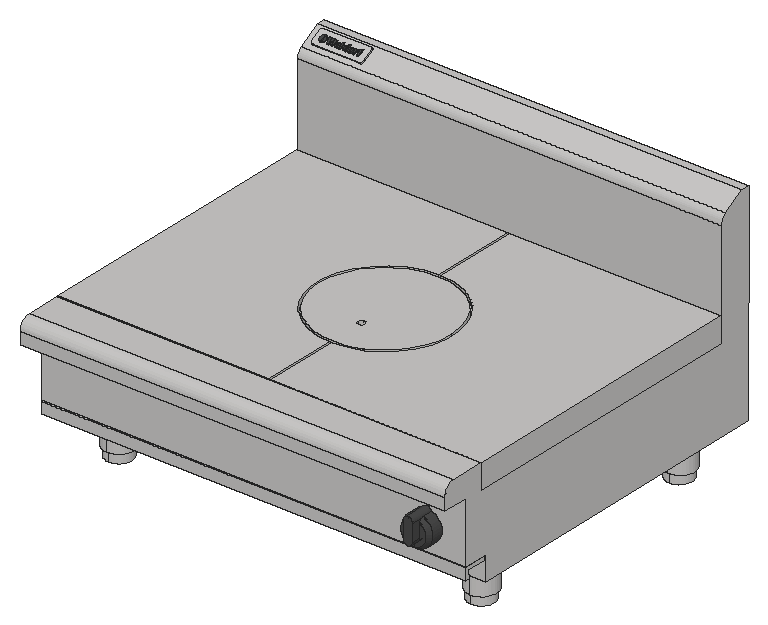
Revit family "QF_MOFFAT WALDORF_RN8100G-B", category Specialty Equipment, Revit 2012
Parameters
  Width = 900 mm
  Weight in Pounds = 392.4224
  URL Cutsheet = "www.moffat.com"
  URL = "www.moffat.com"
  Type Mark [instance] = ""
  Status [instance] = ""
  Specification by User [instance] = ""
  Specification by Manufacturer = ""
  Show Logo [instance] = yes
  Show Clearance [instance] = yes
  Serial Number = ""
  Seismic Rating = ""
  SMACNA No = ""
  Revision Code [instance] = ""
  Omniclass Number and Title = ""
  NAFEM Spec ID Number = ""
  Model = "RN8100G-B"
  Mechanical Remarks = ""
  Mechanical Connection Type [instance] = ""
  Masterspec = ""
  Manufacturer = "MOFFAT WALDORF"
  Item Number [instance] = ""
  Installed By [instance] = ""
  Identify Quantity as Lot [instance] = yes
  Height = 530 mm
  Gas Size = 3/4"
  Gas RI Height [instance] = 0 mm
  Gas KW [instance] = 12.5
  Gas Input [instance] = 42652.0 Btu/h
  Gas Connection Height = 0 mm
  Furnished By [instance] = ""
  Foodservice Equipment Identifier [instance] = yes
  Description = "TARGET TOP GAS HOB BENCH MOUNT"
  Depth = 805 mm
  CSI MasterFormat = ""
  CSI Master Format = ""
Reference planes
  plane 1 "BACK": y = 0
  plane 2: z = 0
  plane 3 "LEFT": x = 0
  plane 4 "RIGHT": x = 900
  plane 5 "FRONT": y = -805
  plane 6 "TOP": z = 530
  plane 7 "Center Y": x = 450
  plane 8 "Center X": y = -402.5
  plane 9: x = 280
  plane 10: y = -574.272
  plane 11: x = 60
  plane 12: y = -304.972
  plane 13: y = -364.972
  plane 14: x = 74
  plane 15: x = 834.5
  plane 16: y = -32
  plane 17: y = -100
  plane 18: y = -625
  plane 19: z = 85
  plane 20: z = 315
Forms (mm)
  Extrusion 1, solid, material "QF_Finishes_Stainless Steel"
    sketch origin (0, 0, 0) x (0, 1, 0) y (0, 0, 1)
      loop
        line (0, 85) -> (0, 530) -> (-16.5, 530) -> (-58.709, 505.631)
        arc (-58.709, 505.631) -> (-66.975, 497.365) -> (-70, 486.074) r 22.582
        line (-70, 486.074) -> (-70, 261.8) -> (-709, 261.8) -> (-709, 315) -> (-781, 315)
        arc (-781, 315) -> (-797.971, 307.971) -> (-805, 291) r 24
        line (-805, 291) -> (-805, 266) -> (-749, 266) -> (-749, 136.219) -> (-696.73, 136.219) -> (-696.73, 85) -> (0, 85)
      loop
        line (-749, 110) -> (-740.224, 110) -> (-742.613, 126.999) -> (-700.93, 126.999) -> (-700.93, 134.003) -> (-749, 134.003) -> (-749, 110)
    from 0 to 900
  Extrusion 2, solid, material "QF_Finishes_Stainless Steel"
    sketch origin (0, 0, 0) x (0, 1, 0) y (0, 0, 1)
      loop
        line (-72.734, 315) -> (-705.7, 315) -> (-705.7, 262.8) -> (-72.734, 262.8) -> (-72.734, 315)
    from 0 to 900
  Extrusion 3, void
    sketch origin (0, -72.734, 315) x (1, 0, 0) y (0, -1, 0)
      loop
        circle (450, 327.466) r 140
      loop
        arc (452.2, 182.486) -> (594.802, 327.67) -> (451.798, 472.459) r 145.003
        line (451.798, 472.459) -> (451.798, 632.966) -> (447.7, 632.966) -> (447.7, 472.437)
        arc (447.7, 472.437) -> (305.533, 327.329) -> (447.967, 182.484) r 145.002
        line (447.967, 182.484) -> (447.967, 0) -> (452.2, 0) -> (452.2, 182.486)
      loop
        circle (450, 390.056) r 7.524
    from 0 to 10
  Revolve 4, solid, material "QF_Finishes_Stainless Steel"
    sketch origin (834.5, -171.126, 0) x (0, 1, 0) y (0, 0, -1)
      loop
        line (39.376, -85) -> (71.126, -85) -> (71.126, 0) -> (43.626, 0) -> (43.626, -20) -> (39.376, -20) -> (39.376, -85)
      axis (71.126, -85) -> (71.126, 0)
    angle from 0 to 360
  Revolve 5, solid, material "QF_Finishes_Stainless Steel"
    sketch origin (65.5, -171.126, 0) x (0, 1, 0) y (0, 0, 1)
      loop
        line (39.376, 85) -> (39.376, 20) -> (43.626, 20) -> (43.626, 0) -> (71.126, 0) -> (71.126, 85) -> (39.376, 85)
      axis (71.126, 85) -> (71.126, 0)
    angle from 0 to 360
  Revolve 6, solid, material "QF_Finishes_Stainless Steel"
    sketch origin (834.5, -696.126, 0) x (0, 1, 0) y (0, 0, -1)
      loop
        line (39.376, -85) -> (71.126, -85) -> (71.126, 0) -> (43.626, 0) -> (43.626, -20) -> (39.376, -20) -> (39.376, -85)
      axis (71.126, -85) -> (71.126, 0)
    angle from 0 to 360
  Revolve 7, solid, material "QF_Finishes_Stainless Steel"
    sketch origin (65.5, -696.126, 0) x (0, 1, 0) y (0, 0, 1)
      loop
        line (39.376, 85) -> (39.376, 20) -> (43.626, 20) -> (43.626, 0) -> (71.126, 0) -> (71.126, 85) -> (39.376, 85)
      axis (71.126, 85) -> (71.126, 0)
    angle from 0 to 360
  Extrusion 8, solid, material "QF_Finishes_Stainless Steel"
    sketch origin (-64.5, 0, -270) x (1, 0, 0) y (0, 1, 0)
      loop
        circle (834.5, -32) r 10
    from 325 to 355
  Revolve 9, solid, material "QF_Finishes_Black"
    sketch origin (824.351, 38.874, -603.868) x (0, 1, 0) y (0, 0, 1)
      loop
        line (-820.874, 829.5) -> (-831.874, 823.651) -> (-831.874, 797) -> (-787.874, 797) -> (-787.874, 802) -> (-797.874, 802) -> (-797.874, 829.5) -> (-820.874, 829.5)
      axis (-831.874, 797) -> (-787.874, 797)
    angle from 0 to 360
  Extrusion 10, solid, material "QF_Finishes_Black"
    sketch origin (676.544, 0, -603.868) x (1, 0, 0) y (0, 0, 1)
      loop
        line (158.3, 789) -> (158.3, 824)
        arc (158.3, 824) -> (148.3, 834) -> (138.3, 824) r 10
        line (138.3, 824) -> (138.3, 789)
        arc (138.3, 789) -> (148.3, 779) -> (158.3, 789) r 10
    from 759 to 808
Cuts and joins
  Extrusion 3 cuts Extrusion 1
  Extrusion 3 cuts Extrusion 2
Lines and regions (mm)
  Split face 1
    outline origin (0, -16.5, 530) x (0, -0.866025, -0.5) y (1, 0, 0)
      loop
        line (1.962, 129.583) -> (34.599, 129.583) -> (34.599, 149.583) -> (1.962, 149.583) -> (1.962, 129.583)
  Split face 2
    outline origin (0, -16.5, 530) x (0, -0.866025, -0.5) y (1, 0, 0)
      loop
        line (34.599, 156.5) -> (34.599, 176.5) -> (1.962, 176.5) -> (1.962, 156.5) -> (34.599, 156.5)
  Split face 3
    outline origin (0, -16.5, 530) x (0, -0.866025, -0.5) y (1, 0, 0)
      loop
        line (34.599, 203.5) -> (1.962, 203.5) -> (1.962, 183.5) -> (34.599, 183.5) -> (34.599, 203.5)
  Split face 4
    outline origin (0, -16.5, 530) x (0, -0.866025, -0.5) y (1, 0, 0)
      loop
        line (34.599, 230.5) -> (1.962, 230.5) -> (1.962, 210.5) -> (34.599, 210.5) -> (34.599, 230.5)
  Split face 5
    outline origin (0, -16.5, 530) x (0, -0.866025, -0.5) y (1, 0, 0)
      loop
        line (34.599, 257.5) -> (1.962, 257.5) -> (1.962, 237.5) -> (34.599, 237.5) -> (34.599, 257.5)
  Split face 6
    outline origin (0, -16.5, 530) x (0, -0.866025, -0.5) y (1, 0, 0)
      loop
        line (34.599, 264.5) -> (34.599, 284.5) -> (1.962, 284.5) -> (1.962, 264.5) -> (34.599, 264.5)
  Split face 7
    outline origin (0, -16.5, 530) x (0, -0.866025, -0.5) y (1, 0, 0)
      loop
        line (34.599, 311.5) -> (1.962, 311.5) -> (1.962, 291.5) -> (34.599, 291.5) -> (34.599, 311.5)
  Split face 8
    outline origin (0, -16.5, 530) x (0, -0.866025, -0.5) y (1, 0, 0)
      loop
        line (1.962, 638.5) -> (1.962, 618.5) -> (34.599, 618.5) -> (34.599, 638.5) -> (1.962, 638.5)
  Split face 9
    outline origin (0, -16.5, 530) x (0, -0.866025, -0.5) y (1, 0, 0)
      loop
        line (1.962, 645.5) -> (34.599, 645.5) -> (34.599, 665.5) -> (1.962, 665.5) -> (1.962, 645.5)
  Split face 10
    outline origin (0, -16.5, 530) x (0, -0.866025, -0.5) y (1, 0, 0)
      loop
        line (34.599, 672.5) -> (34.599, 692.5) -> (1.962, 692.5) -> (1.962, 672.5) -> (34.599, 672.5)
  Split face 11
    outline origin (0, -16.5, 530) x (0, -0.866025, -0.5) y (1, 0, 0)
      loop
        line (34.599, 699.5) -> (34.599, 719.5) -> (1.962, 719.5) -> (1.962, 699.5) -> (34.599, 699.5)
  Split face 12
    outline origin (0, -16.5, 530) x (0, -0.866025, -0.5) y (1, 0, 0)
      loop
        line (34.599, 726.5) -> (34.599, 746.5) -> (1.962, 746.5) -> (1.962, 726.5) -> (34.599, 726.5)
  Split face 13
    outline origin (0, -16.5, 530) x (0, -0.866025, -0.5) y (1, 0, 0)
      loop
        line (1.962, 753.5) -> (34.599, 753.5) -> (34.599, 773.5) -> (1.962, 773.5) -> (1.962, 753.5)
  Split face 14
    outline origin (29.312, -16.5, 530) x (0, -0.866025, -0.5) y (1, 0, 0)
      loop
        line (34.599, 311.5) -> (1.962, 311.5) -> (1.962, 291.5) -> (34.599, 291.5) -> (34.599, 311.5)
  Split face 15
    outline origin (58.539, -16.5, 530) x (0, -0.866025, -0.5) y (1, 0, 0)
      loop
        line (34.599, 311.5) -> (1.962, 311.5) -> (1.962, 291.5) -> (34.599, 291.5) -> (34.599, 311.5)
  Split face 16
    outline origin (85.538, -16.5, 530) x (0, -0.866025, -0.5) y (1, 0, 0)
      loop
        line (34.599, 311.5) -> (1.962, 311.5) -> (1.962, 291.5) -> (34.599, 291.5) -> (34.599, 311.5)
  Split face 17
    outline origin (111.014, -16.5, 530) x (0, -0.866025, -0.5) y (1, 0, 0)
      loop
        line (34.599, 311.5) -> (1.962, 311.5) -> (1.962, 291.5) -> (34.599, 291.5) -> (34.599, 311.5)
  Split face 18
    outline origin (137.462, -16.5, 530) x (0, -0.866025, -0.5) y (1, 0, 0)
      loop
        line (34.599, 311.5) -> (1.962, 311.5) -> (1.962, 291.5) -> (34.599, 291.5) -> (34.599, 311.5)
  Split face 19
    outline origin (163.546, -16.5, 530) x (0, -0.866025, -0.5) y (1, 0, 0)
      loop
        line (34.599, 311.5) -> (1.962, 311.5) -> (1.962, 291.5) -> (34.599, 291.5) -> (34.599, 311.5)
  Split face 20
    outline origin (189.443, -16.5, 530) x (0, -0.866025, -0.5) y (1, 0, 0)
      loop
        line (34.599, 311.5) -> (1.962, 311.5) -> (1.962, 291.5) -> (34.599, 291.5) -> (34.599, 311.5)
  Split face 21
    outline origin (215.891, -16.5, 530) x (0, -0.866025, -0.5) y (1, 0, 0)
      loop
        line (34.599, 311.5) -> (1.962, 311.5) -> (1.962, 291.5) -> (34.599, 291.5) -> (34.599, 311.5)
  Split face 22
    outline origin (246.196, -16.5, 530) x (0, -0.866025, -0.5) y (1, 0, 0)
      loop
        line (34.599, 311.5) -> (1.962, 311.5) -> (1.962, 291.5) -> (34.599, 291.5) -> (34.599, 311.5)
  Split face 23
    outline origin (274.297, -16.5, 530) x (0, -0.866025, -0.5) y (1, 0, 0)
      loop
        line (34.599, 311.5) -> (1.962, 311.5) -> (1.962, 291.5) -> (34.599, 291.5) -> (34.599, 311.5)
  Split face 24
    outline origin (299.643, -16.5, 530) x (0, -0.866025, -0.5) y (1, 0, 0)
      loop
        line (34.599, 311.5) -> (1.962, 311.5) -> (1.962, 291.5) -> (34.599, 291.5) -> (34.599, 311.5)
  symbolic lines
    curve 1: line (0, 0, 0) -> (0, -805, 0)
    curve 2: line (900, 0, 0) -> (0, 0, 0)
    curve 3: line (900, -805, 0) -> (900, 0, 0)
    curve 4: line (0, -70, 0) -> (900, -70, 0)
    curve 5: line (12.5, -51.234, 0) -> (12.5, -20.958, 0)
    curve 6: line (12.5, -20.958, 0) -> (121.5, -20.958, 0)
    curve 7: line (12.5, -51.234, 0) -> (121.5, -51.234, 0)
    curve 8: line (121.5, -20.958, 0) -> (121.5, -51.234, 0)
    curve 9: line (129.583, -22.262, 0) -> (129.583, -50.526, 0)
    curve 10: line (129.583, -50.526, 0) -> (149.583, -50.526, 0)
    curve 11: line (149.583, -50.526, 0) -> (149.583, -22.262, 0)
    curve 12: line (149.583, -22.262, 0) -> (129.583, -22.262, 0)
    curve 13: line (156.5, -22.262, 0) -> (156.5, -50.526, 0)
    curve 14: line (156.5, -50.526, 0) -> (176.5, -50.526, 0)
    curve 15: line (176.5, -50.526, 0) -> (176.5, -22.262, 0)
    curve 16: line (176.5, -22.262, 0) -> (156.5, -22.262, 0)
    curve 17: line (183.5, -22.262, 0) -> (183.5, -50.526, 0)
    curve 18: line (183.5, -50.526, 0) -> (203.5, -50.526, 0)
    curve 19: line (203.5, -50.526, 0) -> (203.5, -22.262, 0)
    curve 20: line (203.5, -22.262, 0) -> (183.5, -22.262, 0)
    curve 21: line (210.5, -22.262, 0) -> (210.5, -50.526, 0)
    curve 22: line (210.5, -50.526, 0) -> (230.5, -50.526, 0)
    curve 23: line (230.5, -50.526, 0) -> (230.5, -22.262, 0)
    curve 24: line (230.5, -22.262, 0) -> (210.5, -22.262, 0)
    curve 25: line (900, -805, 0) -> (0, -805, 0)
    curve 26: line (237.5, -22.262, 0) -> (237.5, -50.526, 0)
    curve 27: line (237.5, -50.526, 0) -> (257.5, -50.526, 0)
    curve 28: line (257.5, -50.526, 0) -> (257.5, -22.262, 0)
    curve 29: line (257.5, -22.262, 0) -> (237.5, -22.262, 0)
    curve 30: line (264.417, -22.262, 0) -> (264.417, -50.526, 0)
    curve 31: line (264.417, -50.526, 0) -> (284.417, -50.526, 0)
    curve 32: line (284.417, -50.526, 0) -> (284.417, -22.262, 0)
    curve 33: line (284.417, -22.262, 0) -> (264.417, -22.262, 0)
    curve 34: line (291.417, -22.262, 0) -> (291.417, -50.526, 0)
    curve 35: line (291.417, -50.526, 0) -> (311.417, -50.526, 0)
    curve 36: line (311.417, -50.526, 0) -> (311.417, -22.262, 0)
    curve 37: line (311.417, -22.262, 0) -> (291.417, -22.262, 0)
    curve 38: line (318.417, -22.262, 0) -> (318.417, -50.526, 0)
    curve 39: line (318.417, -50.526, 0) -> (338.417, -50.526, 0)
    curve 40: line (338.417, -50.526, 0) -> (338.417, -22.262, 0)
    curve 41: line (338.417, -22.262, 0) -> (318.417, -22.262, 0)
    curve 42: line (350.039, -22.262, 0) -> (350.039, -50.526, 0)
    curve 43: line (350.039, -50.526, 0) -> (370.039, -50.526, 0)
    curve 44: line (370.039, -50.526, 0) -> (370.039, -22.262, 0)
    curve 45: line (370.039, -22.262, 0) -> (350.039, -22.262, 0)
    curve 46: line (376.956, -22.262, 0) -> (376.956, -50.526, 0)
    curve 47: line (376.956, -50.526, 0) -> (396.956, -50.526, 0)
    curve 48: line (396.956, -50.526, 0) -> (396.956, -22.262, 0)
    curve 49: line (396.956, -22.262, 0) -> (376.956, -22.262, 0)
    curve 50: line (403.956, -22.262, 0) -> (403.956, -50.526, 0)
    curve 51: line (403.956, -50.526, 0) -> (423.956, -50.526, 0)
    curve 52: line (423.956, -50.526, 0) -> (423.956, -22.262, 0)
    curve 53: line (423.956, -22.262, 0) -> (403.956, -22.262, 0)
    curve 54: line (430.956, -22.262, 0) -> (430.956, -50.526, 0)
    curve 55: line (430.956, -50.526, 0) -> (450.956, -50.526, 0)
    curve 56: line (450.956, -50.526, 0) -> (450.956, -22.262, 0)
    curve 57: line (450.956, -22.262, 0) -> (430.956, -22.262, 0)
    curve 58: line (457.956, -22.262, 0) -> (457.956, -50.526, 0)
    curve 59: line (457.956, -50.526, 0) -> (477.956, -50.526, 0)
    curve 60: line (477.956, -50.526, 0) -> (477.956, -22.262, 0)
    curve 61: line (477.956, -22.262, 0) -> (457.956, -22.262, 0)
    curve 62: line (484.872, -22.262, 0) -> (484.872, -50.526, 0)
    curve 63: line (484.872, -50.526, 0) -> (504.872, -50.526, 0)
    curve 64: line (504.872, -50.526, 0) -> (504.872, -22.262, 0)
    curve 65: line (504.872, -22.262, 0) -> (484.872, -22.262, 0)
    curve 66: line (511.872, -22.262, 0) -> (511.872, -50.526, 0)
    curve 67: line (511.872, -50.526, 0) -> (531.872, -50.526, 0)
    curve 68: line (531.872, -50.526, 0) -> (531.872, -22.262, 0)
    curve 69: line (531.872, -22.262, 0) -> (511.872, -22.262, 0)
    curve 70: line (538.872, -22.262, 0) -> (538.872, -50.526, 0)
    curve 71: line (538.872, -50.526, 0) -> (558.872, -50.526, 0)
    curve 72: line (558.872, -50.526, 0) -> (558.872, -22.262, 0)
    curve 73: line (558.872, -22.262, 0) -> (538.872, -22.262, 0)
    curve 74: line (565.797, -22.262, 0) -> (565.797, -50.526, 0)
    curve 75: line (565.797, -50.526, 0) -> (585.797, -50.526, 0)
    curve 76: line (585.797, -50.526, 0) -> (585.797, -22.262, 0)
    curve 77: line (585.797, -22.262, 0) -> (565.797, -22.262, 0)
    curve 78: line (592.714, -22.262, 0) -> (592.714, -50.526, 0)
    curve 79: line (592.714, -50.526, 0) -> (612.714, -50.526, 0)
    curve 80: line (612.714, -50.526, 0) -> (612.714, -22.262, 0)
    curve 81: line (612.714, -22.262, 0) -> (592.714, -22.262, 0)
    curve 82: line (619.714, -22.262, 0) -> (619.714, -50.526, 0)
    curve 83: line (619.714, -50.526, 0) -> (639.714, -50.526, 0)
    curve 84: line (639.714, -50.526, 0) -> (639.714, -22.262, 0)
    curve 85: line (639.714, -22.262, 0) -> (619.714, -22.262, 0)
    curve 86: line (646.714, -22.262, 0) -> (646.714, -50.526, 0)
    curve 87: line (646.714, -50.526, 0) -> (666.714, -50.526, 0)
    curve 88: line (666.714, -50.526, 0) -> (666.714, -22.262, 0)
    curve 89: line (666.714, -22.262, 0) -> (646.714, -22.262, 0)
    curve 90: line (673.714, -22.262, 0) -> (673.714, -50.526, 0)
    curve 91: line (673.714, -50.526, 0) -> (693.714, -50.526, 0)
    curve 92: line (693.714, -50.526, 0) -> (693.714, -22.262, 0)
    curve 93: line (693.714, -22.262, 0) -> (673.714, -22.262, 0)
    curve 94: line (700.631, -22.262, 0) -> (700.631, -50.526, 0)
    curve 95: line (700.631, -50.526, 0) -> (720.631, -50.526, 0)
    curve 96: line (720.631, -50.526, 0) -> (720.631, -22.262, 0)
    curve 97: line (720.631, -22.262, 0) -> (700.631, -22.262, 0)
    curve 98: line (727.631, -22.262, 0) -> (727.631, -50.526, 0)
    curve 99: line (727.631, -50.526, 0) -> (747.631, -50.526, 0)
    curve 100: line (747.631, -50.526, 0) -> (747.631, -22.262, 0)
    curve 101: line (747.631, -22.262, 0) -> (727.631, -22.262, 0)
    curve 102: line (754.631, -22.262, 0) -> (754.631, -50.526, 0)
    curve 103: line (754.631, -50.526, 0) -> (774.631, -50.526, 0)
    curve 104: line (774.631, -50.526, 0) -> (774.631, -22.262, 0)
    curve 105: line (774.631, -22.262, 0) -> (754.631, -22.262, 0)
    curve 106: line (447.967, -72.734, 0) -> (447.967, -255.217, 0)
    curve 107: arc (452.2, -255.22, 0) -> (594.802, -400.404, 0) -> (451.798, -545.193, 0) r 145.003
    curve 108: line (452.2, -255.22, 0) -> (452.2, -72.734, 0)
    curve 109: arc (590, -400.2, 0) -> (450, -260.2, 0) -> (310, -400.2, 0) r 140
    curve 110: arc (447.7, -545.17, 0) -> (305.533, -400.063, 0) -> (447.967, -255.217, 0) r 145.002
    curve 111: arc (310, -400.2, 0) -> (450, -540.2, 0) -> (590, -400.2, 0) r 140
    curve 112: line (451.798, -705.7, 0) -> (451.798, -545.193, 0)
    curve 113: line (447.7, -545.17, 0) -> (447.7, -705.7, 0)
    curve 114: line (900, -709, 0) -> (0, -709, 0)
    curve 115: line (0, -705.7, 0) -> (900, -705.7, 0)
    curve 116: line (900, -72.734, 0) -> (0, -72.734, 0)
    curve 117: arc (442.476, -462.79, 0) -> (450, -455.266, 0) -> (457.524, -462.79, 0) r 7.524
    curve 118: arc (457.524, -462.79, 0) -> (450, -470.314, 0) -> (442.476, -462.79, 0) r 7.524
Dimensions and locks
  equal spacing: plane 3 "LEFT", plane 7 "Center Y", plane 4 "RIGHT"
  "Width": plane 3 "LEFT" to plane 4 "RIGHT"
  equal spacing: plane 5 "FRONT", plane 8 "Center X", plane 1 "BACK"
  plane 5 "FRONT" to plane 1 "BACK" = 805 mm  (x2)
  equal spacing: plane 4 "RIGHT", plane 7 "Center Y", plane 3 "LEFT"
  plane 4 "RIGHT" to plane 3 "LEFT" = 900 mm
  "Height": plane 6 "TOP" to level
  plane 10 to plane 1 "BACK" = 574.272 mm
  plane 12 to plane 1 "BACK" = 304.972 mm  (x2)
  plane 11 to plane 3 "LEFT" = 60 mm
  plane 14 to plane 3 "LEFT" = 74 mm
  plane 9 to plane 3 "LEFT" = 280 mm
  plane 6 "TOP" to plane 2 = 530 mm
  plane 2 to plane 19 = 85 mm
  plane 20 to plane 2 = 315 mm
  aligned and locked: level to plane 2
  aligned and locked: curve 3 to plane 4 "RIGHT"
  aligned and locked: Extrusion 1 to Extrusion 2  (x2)
Automatic sketch dimensions
  plane 1 "BACK" to curve 1 = 0 mm
  curve 1 to plane 3 "LEFT" = 0 mm
  curve 117 to plane 7 "Center Y" = 0 mm
  curve 111 to plane 7 "Center Y" = 0 mm
  plane 3 "LEFT" to curve 6 = 12.5 mm
  plane 16 to curve 8 = 11.042 mm
  plane 14 to curve 8 = 47.5 mm
  curve 7 to curve 9 = 8.083 mm
  curve 9 to curve 11 = 20 mm
  curve 10 to curve 13 = 6.917 mm
  curve 13 to curve 15 = 20 mm
  curve 15 to curve 20 = 7 mm
  curve 17 to curve 18 = 20 mm
  curve 19 to curve 24 = 7 mm
  curve 21 to curve 22 = 20 mm
  curve 23 to curve 26 = 7 mm
  plane 16 to curve 28 = 9.738 mm
  curve 26 to curve 28 = 20 mm
  curve 27 to curve 30 = 6.917 mm
  plane 9 to curve 32 = 4.417 mm
  curve 32 to curve 34 = 7 mm
  plane 8 "Center X" to curve 111 = 2.3 mm
  plane 9 to curve 111 = 30 mm
  curve 34 to curve 35 = 20 mm
  curve 35 to curve 39 = 7 mm
  plane 16 to curve 41 = 9.738 mm
  curve 38 to curve 41 = 20 mm
  curve 40 to curve 42 = 11.622 mm
  plane 16 to curve 45 = 9.738 mm
  curve 42 to curve 45 = 20 mm
  curve 43 to curve 47 = 6.917 mm
  curve 46 to curve 48 = 20 mm
  curve 47 to curve 51 = 7 mm
  curve 50 to curve 52 = 20 mm
  curve 51 to curve 55 = 7 mm
  curve 118 to plane 7 "Center Y" = 7.524 mm
  curve 110 to plane 7 "Center Y" = 2.3 mm
  curve 106 to plane 7 "Center Y" = 2.033 mm
  curve 107 to plane 7 "Center Y" = 0.201 mm
  plane 7 "Center Y" to curve 110 = 0.535 mm
  plane 7 "Center Y" to curve 55 = 0.956 mm
  plane 7 "Center Y" to curve 107 = 1.798 mm
  plane 7 "Center Y" to curve 108 = 2.2 mm
  curve 56 to curve 58 = 7 mm
  plane 16 to curve 60 = 9.738 mm
  curve 58 to curve 60 = 20 mm
  curve 60 to curve 62 = 6.917 mm
  curve 62 to curve 64 = 20 mm
  curve 63 to curve 66 = 7 mm
  plane 16 to curve 69 = 9.738 mm
  curve 66 to curve 69 = 20 mm
  curve 67 to curve 70 = 7 mm
  curve 70 to curve 72 = 20 mm
  curve 71 to curve 74 = 6.924 mm
  plane 16 to curve 76 = 9.738 mm
  curve 74 to curve 76 = 20 mm
  curve 76 to curve 78 = 6.917 mm
  curve 78 to curve 80 = 20 mm
  curve 79 to curve 82 = 7 mm
  curve 82 to curve 83 = 20 mm
  curve 84 to curve 86 = 7 mm
  curve 86 to curve 87 = 20 mm
  curve 88 to curve 90 = 7 mm
  curve 90 to curve 91 = 20 mm
  curve 92 to curve 97 = 6.917 mm
  plane 16 to curve 96 = 9.738 mm
  curve 94 to curve 96 = 20 mm
  curve 95 to curve 99 = 7 mm
  curve 98 to curve 99 = 20 mm
  curve 100 to curve 105 = 7 mm
  plane 16 to curve 105 = 9.738 mm
  curve 102 to curve 105 = 20 mm
  plane 18 to curve 114 = 84 mm
  curve 114 to curve 115 = 3.3 mm
  plane 10 to curve 107 = 29.08 mm
  curve 112 to curve 110 = 0.022 mm
  curve 117 to plane 8 "Center X" = 60.29 mm
  curve 107 to curve 109 = 0.003 mm
  curve 109 to curve 110 = 0.004 mm
  curve 106 to plane 17 = 27.266 mm
  curve 116 to curve 4 = 2.734 mm
  curve 5 to plane 16 = 19.234 mm
  curve 17 to plane 16 = 18.526 mm
  curve 26 to plane 16 = 18.526 mm
  curve 15 to curve 17 = 0 mm
  curve 27 to curve 30 = 0 mm
  curve 18 to curve 22 = 0 mm
  curve 11 to curve 13 = 0 mm
  curve 31 to curve 34 = 0 mm
  curve 35 to curve 38 = 0 mm
  curve 104 to plane 16 = 18.526 mm
  curve 39 to curve 42 = 0 mm
  curve 100 to curve 102 = 0 mm
  curve 43 to curve 46 = 0 mm
  curve 96 to curve 98 = 0 mm  (x2)
  curve 47 to curve 50 = 0 mm
  curve 92 to curve 94 = 0 mm
  curve 51 to curve 54 = 0 mm
  curve 88 to curve 90 = 0 mm  (x2)
  curve 55 to curve 58 = 0 mm
  curve 84 to curve 86 = 0 mm  (x2)
  curve 59 to curve 62 = 0 mm
  curve 80 to curve 82 = 0 mm  (x2)
  curve 63 to curve 66 = 0 mm
  curve 76 to curve 78 = 0 mm  (x2)
  curve 67 to curve 70 = 0 mm
  curve 68 to curve 73 = 0 mm
  curve 60 to curve 65 = 0 mm
  plane 16 to curve 57 = 9.738 mm
  plane 16 to curve 53 = 9.738 mm
  curve 44 to curve 49 = 0 mm
  plane 16 to curve 37 = 9.738 mm
  curve 28 to curve 33 = 0 mm
  plane 16 to curve 24 = 9.738 mm
  plane 16 to curve 20 = 9.738 mm
  plane 16 to curve 16 = 9.738 mm
  curve 12 to curve 6 = 1.304 mm
  Extrusion 1 sketch curve to plane 5 "FRONT" = 0 mm
  Extrusion 1 sketch curve to plane 20 = 0 mm
  plane 19 to Extrusion 1 sketch curve = 0 mm
  Extrusion 1 sketch curve to plane 6 "TOP" = 0 mm
  Extrusion 1 sketch curve to plane 1 "BACK" = 0 mm
  Extrusion 1 sketch curve to plane 5 "FRONT" = 24 mm
  Extrusion 1 sketch curve to plane 5 "FRONT" = 56 mm
  Extrusion 1 sketch curve to Extrusion 1 sketch curve = 0 mm
  Extrusion 1 sketch curve to Extrusion 1 sketch curve = 6.387 mm
  Extrusion 1 sketch curve to plane 19 = 25 mm
  Extrusion 1 sketch curve to Extrusion 1 sketch curve = 8.776 mm
  Extrusion 1 sketch curve to Extrusion 1 sketch curve = 40 mm
  Extrusion 1 sketch curve to Extrusion 1 sketch curve = 41.683 mm
  Extrusion 1 sketch curve to Extrusion 1 sketch curve = 4.2 mm  (x2)
  Extrusion 1 sketch curve to plane 17 = 30 mm
  Extrusion 1 sketch curve to Extrusion 1 sketch curve = 11.291 mm
  Extrusion 1 sketch curve to plane 16 = 15.418 mm
  plane 16 to Extrusion 1 sketch curve = 15.5 mm
  Extrusion 1 sketch curve to Extrusion 1 sketch curve = 16.999 mm
  Extrusion 1 sketch curve to Extrusion 1 sketch curve = 7.004 mm
  Extrusion 1 sketch curve to Extrusion 1 sketch curve = 2.216 mm
  Extrusion 1 sketch curve to Extrusion 1 sketch curve = 53.2 mm
  Extrusion 1 sketch curve to plane 6 "TOP" = 43.926 mm
  Extrusion 1 to Split face 1 sketch curve = 1.962 mm
  Split face 1 sketch curve to Extrusion 1 = 14.14 mm
  Split face 1 sketch curve to Extrusion 1 = 129.583 mm
  Split face 1 sketch curve to Split face 1 sketch curve = 20 mm
  Extrusion 1 to Split face 2 sketch curve = 1.962 mm
  Split face 2 sketch curve to Extrusion 1 = 14.14 mm
  Split face 2 sketch curve to Extrusion 1 = 156.5 mm
  Split face 2 sketch curve to Split face 2 sketch curve = 20 mm
  Extrusion 1 to Split face 3 sketch curve = 1.962 mm
  Split face 3 sketch curve to Extrusion 1 = 14.14 mm
  Split face 3 sketch curve to Extrusion 1 = 183.5 mm
  Split face 3 sketch curve to Split face 3 sketch curve = 20 mm
  Extrusion 1 to Split face 4 sketch curve = 1.962 mm
  Split face 4 sketch curve to Extrusion 1 = 14.14 mm
  Split face 4 sketch curve to Extrusion 1 = 210.5 mm
  Split face 4 sketch curve to Split face 4 sketch curve = 20 mm
  Extrusion 1 to Split face 5 sketch curve = 1.962 mm
  Split face 5 sketch curve to Extrusion 1 = 14.14 mm
  Split face 5 sketch curve to Extrusion 1 = 237.5 mm
  Split face 5 sketch curve to Split face 5 sketch curve = 20 mm
  Extrusion 1 to Split face 6 sketch curve = 1.962 mm
  Split face 6 sketch curve to Extrusion 1 = 14.14 mm
  Split face 6 sketch curve to Extrusion 1 = 264.5 mm
  Split face 6 sketch curve to Split face 6 sketch curve = 20 mm
  Extrusion 1 to Split face 7 sketch curve = 1.962 mm
  Split face 7 sketch curve to Extrusion 1 = 14.14 mm
  Split face 7 sketch curve to Extrusion 1 = 291.5 mm
  Split face 7 sketch curve to Split face 7 sketch curve = 20 mm
  Extrusion 1 to Split face 8 sketch curve = 1.962 mm
  Split face 8 sketch curve to Extrusion 1 = 14.14 mm
  Split face 8 sketch curve to Extrusion 1 = 281.5 mm
  Split face 8 sketch curve to Split face 8 sketch curve = 20 mm
  Extrusion 1 to Split face 9 sketch curve = 1.962 mm
  Split face 9 sketch curve to Extrusion 1 = 14.14 mm
  Split face 9 sketch curve to Extrusion 1 = 254.5 mm
  Split face 9 sketch curve to Split face 9 sketch curve = 20 mm
  Extrusion 1 to Split face 10 sketch curve = 1.962 mm
  Split face 10 sketch curve to Extrusion 1 = 14.14 mm
  Split face 10 sketch curve to Extrusion 1 = 227.5 mm
  Split face 10 sketch curve to Split face 10 sketch curve = 20 mm
  Extrusion 1 to Split face 11 sketch curve = 1.962 mm
  Split face 11 sketch curve to Extrusion 1 = 14.14 mm
  Split face 11 sketch curve to Extrusion 1 = 200.5 mm
  Split face 11 sketch curve to Split face 11 sketch curve = 20 mm
  Extrusion 1 to Split face 12 sketch curve = 1.962 mm
  Split face 12 sketch curve to Extrusion 1 = 14.14 mm
  Split face 12 sketch curve to Extrusion 1 = 173.5 mm
  Split face 12 sketch curve to Split face 12 sketch curve = 20 mm
  Extrusion 1 to Split face 13 sketch curve = 1.962 mm
  Split face 13 sketch curve to Extrusion 1 = 14.14 mm
  Split face 13 sketch curve to Extrusion 1 = 146.5 mm
  Split face 13 sketch curve to Split face 13 sketch curve = 20 mm
  Extrusion 2 sketch curve to plane 20 = 0 mm
  plane 18 to Extrusion 2 sketch curve = 80.7 mm
  Extrusion 2 sketch curve to plane 17 = 27.266 mm
  Extrusion 2 sketch curve to Extrusion 2 sketch curve = 52.2 mm
  Extrusion 1 to Split face 14 sketch curve = 1.962 mm
  Split face 14 sketch curve to Extrusion 1 = 14.14 mm
  Split face 14 sketch curve to Extrusion 1 = 320.812 mm
  Split face 14 sketch curve to Split face 14 sketch curve = 20 mm
  Extrusion 1 to Split face 15 sketch curve = 1.962 mm
  Split face 15 sketch curve to Extrusion 1 = 14.14 mm
  Split face 15 sketch curve to Extrusion 1 = 350.039 mm
  Split face 15 sketch curve to Split face 15 sketch curve = 20 mm
  Extrusion 1 to Split face 16 sketch curve = 1.962 mm
  Split face 16 sketch curve to Extrusion 1 = 14.14 mm
  Split face 16 sketch curve to Extrusion 1 = 377.038 mm
  Split face 16 sketch curve to Split face 16 sketch curve = 20 mm
  Extrusion 1 to Split face 17 sketch curve = 1.962 mm
  Split face 17 sketch curve to Extrusion 1 = 14.14 mm
  Split face 17 sketch curve to Extrusion 1 = 402.514 mm
  Split face 17 sketch curve to Split face 17 sketch curve = 20 mm
  Extrusion 1 to Split face 18 sketch curve = 1.962 mm
  Split face 18 sketch curve to Extrusion 1 = 14.14 mm
  Split face 18 sketch curve to Extrusion 1 = 428.962 mm
  Split face 18 sketch curve to Split face 18 sketch curve = 20 mm
  Extrusion 1 to Split face 19 sketch curve = 1.962 mm
  Split face 19 sketch curve to Extrusion 1 = 14.14 mm
  Split face 19 sketch curve to Extrusion 1 = 444.954 mm
  Split face 19 sketch curve to Split face 19 sketch curve = 20 mm
  Extrusion 1 to Split face 20 sketch curve = 1.962 mm
  Split face 20 sketch curve to Extrusion 1 = 14.14 mm
  Split face 20 sketch curve to Extrusion 1 = 419.057 mm
  Split face 20 sketch curve to Split face 20 sketch curve = 20 mm
  Extrusion 1 to Split face 21 sketch curve = 1.962 mm
  Split face 21 sketch curve to Extrusion 1 = 14.14 mm
  Split face 21 sketch curve to Extrusion 1 = 392.609 mm
  Split face 21 sketch curve to Split face 21 sketch curve = 20 mm
  Extrusion 1 to Split face 22 sketch curve = 1.962 mm
  Split face 22 sketch curve to Extrusion 1 = 14.14 mm
  Split face 22 sketch curve to Extrusion 1 = 362.304 mm
  Split face 22 sketch curve to Split face 22 sketch curve = 20 mm
  Extrusion 1 to Split face 23 sketch curve = 1.962 mm
  Split face 23 sketch curve to Extrusion 1 = 14.14 mm
  Split face 23 sketch curve to Extrusion 1 = 334.203 mm
  Split face 23 sketch curve to Split face 23 sketch curve = 20 mm
  Extrusion 1 to Split face 24 sketch curve = 1.962 mm
  Split face 24 sketch curve to Extrusion 1 = 14.14 mm
  Split face 24 sketch curve to Extrusion 1 = 308.857 mm
  Split face 24 sketch curve to Split face 24 sketch curve = 20 mm
  Extrusion 3 sketch curve to Extrusion 2 = 0 mm
  Extrusion 2 to Extrusion 3 sketch curve = 0 mm
  Extrusion 2 to Extrusion 3 sketch curve = 160.53 mm
  Extrusion 2 to Extrusion 3 sketch curve = 447.7 mm
  Extrusion 2 to Extrusion 3 sketch curve = 447.967 mm
  Extrusion 3 sketch curve to Extrusion 3 sketch curve = 2.099 mm
  Extrusion 3 sketch curve to Extrusion 3 sketch curve = 0.201 mm  (x2)
  Extrusion 3 sketch curve to Extrusion 3 sketch curve = 0.535 mm
  Extrusion 3 sketch curve to Extrusion 3 sketch curve = 4.098 mm
  Extrusion 3 sketch curve to Extrusion 3 sketch curve = 4.232 mm
  Extrusion 3 sketch curve to Extrusion 3 sketch curve = 0.022 mm
  Extrusion 3 sketch curve to Extrusion 3 sketch curve = 82.38 mm
  Extrusion 3 sketch curve to Extrusion 3 sketch curve = 62.587 mm
  Extrusion 3 sketch curve to Extrusion 3 sketch curve = 0.003 mm
  Extrusion 3 sketch curve to Extrusion 3 sketch curve = 0.004 mm
  plane 19 to Revolve 4 sketch curve = 0 mm
  Revolve 4 sketch curve to level = 0 mm
  Revolve 4 sketch curve to plane 17 = 0 mm  (x2)
  Revolve 4 sketch curve to Revolve 4 sketch curve = 27.5 mm
  Revolve 4 sketch curve to Revolve 4 sketch curve = 31.75 mm
  Revolve 4 sketch curve to Revolve 4 sketch curve = 35 mm
  level to Revolve 4 sketch curve = 20 mm
  Revolve 4 sketch curve to Revolve 4 sketch curve = 55 mm
  plane 19 to Revolve 5 sketch curve = 0 mm
  Revolve 5 sketch curve to level = 0 mm
  Revolve 5 sketch curve to plane 17 = 0 mm  (x2)
  Revolve 5 sketch curve to Revolve 5 sketch curve = 27.5 mm
  Revolve 5 sketch curve to Revolve 5 sketch curve = 31.75 mm
  Revolve 5 sketch curve to level = 55 mm
  Revolve 5 sketch curve to Revolve 5 sketch curve = 20 mm
  plane 19 to Revolve 5 sketch curve = 35 mm
  plane 19 to Revolve 6 sketch curve = 0 mm
  Revolve 6 sketch curve to level = 0 mm
  Revolve 6 sketch curve to plane 18 = 0 mm  (x2)
  Revolve 6 sketch curve to Revolve 6 sketch curve = 27.5 mm
  Revolve 6 sketch curve to Revolve 6 sketch curve = 31.75 mm
  Revolve 6 sketch curve to Revolve 6 sketch curve = 35 mm
  level to Revolve 6 sketch curve = 20 mm
  Revolve 6 sketch curve to Revolve 6 sketch curve = 55 mm
  plane 19 to Revolve 7 sketch curve = 0 mm
  Revolve 7 sketch curve to level = 0 mm
  Revolve 7 sketch curve to plane 18 = 0 mm  (x2)
  Revolve 7 sketch curve to Revolve 7 sketch curve = 27.5 mm
  Revolve 7 sketch curve to Revolve 7 sketch curve = 31.75 mm
  Revolve 7 sketch curve to level = 55 mm
  Revolve 7 sketch curve to Revolve 7 sketch curve = 20 mm
  plane 19 to Revolve 7 sketch curve = 35 mm
  Extrusion 8 sketch curve to plane 16 = 0 mm
  Extrusion 8 sketch curve to plane 15 = 64.5 mm
  Revolve 9 sketch curve to plane 5 "FRONT" = 12 mm
  Revolve 9 sketch curve to Revolve 9 sketch curve = 0 mm  (x2)
  Revolve 9 sketch curve to Revolve 9 sketch curve = 11 mm
  Revolve 9 sketch curve to Revolve 9 sketch curve = 12.7 mm
  Revolve 9 sketch curve to Revolve 9 sketch curve = 23 mm
  Revolve 9 sketch curve to Revolve 9 sketch curve = 10 mm
  Revolve 9 sketch curve to plane 19 = 108.132 mm
  Revolve 9 sketch curve to Revolve 9 sketch curve = 5 mm
  Revolve 9 sketch curve to Revolve 9 sketch curve = 26.651 mm
  Revolve 9 sketch curve to Revolve 9 sketch curve = 5.849 mm
  Extrusion 10 sketch curve to plane 15 = 19.656 mm
  Extrusion 10 sketch curve to plane 15 = 9.656 mm
  Extrusion 10 sketch curve to plane 19 = 100.132 mm
  Extrusion 10 sketch curve to Extrusion 10 sketch curve = 35 mm
  plane 5 "FRONT" to curve 25 = 0 mm
  radius of Extrusion 3 sketch curve = 140 mm
  radius of Extrusion 3 sketch curve = 7.524 mm
  radius of Extrusion 8 sketch curve = 10 mm
Nested families
  nested 1: "WALDORF LOGO_FACE BASE" at (12.5, -21.284, 527.238) x (1, 0, 0) z (0, -0.5, 0.866), visible <- "Show Logo", type "WALDORF LOGO_FACE BASE", detail levels medium+fine
    with Show Logo yes
Connectors
  piping at (770, -32, 55)
    settings: on Extrusion 8, index 1, connector radius 0.37402", flow factor 0, pipe flow 0 GPM, pressure drop 0.00 psi, fitting loss kfactor 0, connector angle 0.00°, fixture units 0, engagement length 0 mm, flow configuration 1, flow direction 1, fitting loss method 0, system type 7, joint type 0, gender type 0, connector reference index -1, connector utility 0, adjustable connector no, is connector primary yes, fitting loss table "", connector description "GAS CONNECTION"
Definition of nested family "WALDORF LOGO_FACE BASE"
  Parameters (values of type "WALDORF LOGO_FACE BASE")
    Show Logo [instance] = yes
    Default Elevation = 1219.2 mm
  Reference planes
    plane 1 "Center (Front/Back)": y = 0
    plane 2: z = 0
    plane 3 "Center (Left/Right)": x = 0
  Forms (mm)
    Extrusion 1, solid
      sketch origin (0, 0, 0) x (1, 0, 0) y (0, 1, 0)
        loop
          line (-1219.2, 1219.2) -> (-1219.2, -1219.2) -> (1219.2, -1219.2) -> (1219.2, 1219.2) -> (-1219.2, 1219.2)
      from 0 to -304.8
    Extrusion 2, solid, material "QF_Finishes_Stainless Steel", visible <- "Show Logo"
      sketch origin (0, -33.217, 0) x (1, 0, 0) y (0, 1, 0)
        loop
          arc (5, 34.14) -> (1.464, 32.676) -> (0, 29.14) r 5
          line (0, 29.14) -> (0, 5)
          arc (0, 5) -> (1.464, 1.464) -> (5, 0) r 5
          line (5, 0) -> (104, 0)
          arc (104, 0) -> (107.536, 1.464) -> (109, 5) r 5
          line (109, 5) -> (109, 29.14)
          arc (109, 29.14) -> (107.536, 32.676) -> (104, 34.14) r 5
          line (104, 34.14) -> (5, 34.14)
      from 0 to 1.588
    Extrusion 3, solid, material "QF_Finishes_Black", visible <- "Show Logo"
      sketch origin (0, -33.217, 1.588) x (1, 0, 0) y (0, 1, 0)
        loop
          line (24.772, 23.214) -> (27.992, 10.301) -> (31.551, 10.301) -> (33.443, 17.364) -> (35.205, 10.301) -> (39.332, 10.301) -> (42.077, 23.214) -> (38.352, 23.214) -> (36.676, 15.33) -> (35, 23.214) -> (31.752, 23.214) -> (30.076, 15.33) -> (28.4, 23.214) -> (24.772, 23.214)
        loop
          line (42.272, 17.055) -> (45.703, 17.055)
          spline (45.703, 17.055) -> (45.741, 17.285) -> (45.852, 17.499) -> (46.028, 17.682) -> (46.258, 17.823) -> (46.526, 17.912) -> (46.813, 17.942) -> (47.1, 17.912) -> (47.368, 17.823) -> (47.597, 17.682) -> (47.774, 17.499) -> (47.884, 17.285) -> (47.922, 17.055)
          line (47.922, 17.055) -> (47.922, 16.222)
          arc (47.922, 16.222) -> (45.742, 16.014) -> (43.665, 15.317) r 9.604
          arc (43.665, 15.317) -> (41.924, 12.809) -> (43.665, 10.301) r 2.677
          arc (43.665, 10.301) -> (45.527, 10.353) -> (47.332, 10.816) r 8.365
          line (47.332, 10.816) -> (48.092, 11.105) -> (48.092, 10.301) -> (51.817, 10.301) -> (51.817, 17.055)
          spline (51.817, 17.055) -> (51.654, 17.821) -> (51.178, 18.535) -> (50.419, 19.148) -> (49.431, 19.619) -> (48.28, 19.914) -> (47.044, 20.015) -> (45.809, 19.914) -> (44.658, 19.619) -> (43.67, 19.148) -> (42.911, 18.535) -> (42.434, 17.821) -> (42.272, 17.055)
        loop
          line (53.151, 23.214) -> (53.151, 10.301) -> (57.37, 10.301) -> (57.37, 23.214) -> (53.151, 23.214)
        loop
          line (64.874, 23.214) -> (64.874, 18.857)
          arc (64.874, 18.857) -> (58.083, 15.11) -> (64.874, 11.363) r 4.429
          line (64.874, 11.363) -> (64.874, 10.301) -> (68.378, 10.301) -> (68.378, 23.214) -> (64.874, 23.214)
        loop
          arc (64.874, 16.083) -> (61.41, 14.987) -> (64.874, 13.891) r 1.905
          line (64.874, 13.891) -> (64.874, 16.083)
        loop
          circle (74.623, 15.223) r 5
        loop
          spline (74.623, 17.856) -> (74.355, 17.766) -> (74.105, 17.503) -> (73.891, 17.084) -> (73.726, 16.539) -> (73.623, 15.904) -> (73.588, 15.223) -> (73.623, 14.541) -> (73.726, 13.906) -> (73.891, 13.361) -> (74.105, 12.942) -> (74.355, 12.679) -> (74.623, 12.59)
          spline (74.623, 12.59) -> (74.891, 12.679) -> (75.141, 12.942) -> (75.355, 13.361) -> (75.52, 13.906) -> (75.623, 14.541) -> (75.659, 15.223) -> (75.623, 15.904) -> (75.52, 16.539) -> (75.355, 17.084) -> (75.141, 17.503) -> (74.891, 17.766) -> (74.623, 17.856)
        loop
          line (81.255, 19.813) -> (81.255, 10.301) -> (84.834, 10.301) -> (84.834, 14.176)
          arc (84.834, 14.176) -> (85.854, 16.093) -> (88.013, 16.32) r 2.313
          line (88.013, 16.32) -> (88.013, 19.813) -> (87.161, 19.813)
          arc (87.161, 19.813) -> (85.526, 19.266) -> (84.549, 17.844) r 2.717
          line (84.549, 17.844) -> (84.549, 19.813) -> (81.255, 19.813)
        loop
          line (90.249, 19.813) -> (88.91, 19.813) -> (88.91, 17.614) -> (90.249, 17.614) -> (90.249, 10.301) -> (93.998, 10.301) -> (93.998, 17.614) -> (95.418, 17.614) -> (95.418, 19.813) -> (93.998, 19.813)
          arc (93.998, 19.813) -> (94.414, 20.817) -> (95.418, 21.233) r 1.42
          line (95.418, 21.233) -> (95.418, 23.602) -> (93.317, 23.602)
          arc (93.317, 23.602) -> (91.343, 22.903) -> (90.249, 21.118) r 3.137
          line (90.249, 21.118) -> (90.249, 19.813)
        loop
          arc (15.241, 23.571) -> (8.392, 16.525) -> (15.241, 9.479) r 7.049
          line (15.241, 9.479) -> (15.241, 23.571)
        loop
          line (15.641, 23.571) -> (15.641, 9.479)
          arc (15.641, 9.479) -> (22.49, 16.525) -> (15.641, 23.571) r 7.049
        loop
          arc (47.922, 14.711) -> (46.266, 13.749) -> (47.922, 12.787) r 1.107
          line (47.922, 12.787) -> (47.922, 14.711)
      from 0 to 0.2
  Dimensions and locks
    aligned and locked: plane 2 to Extrusion 1
    aligned and locked: level to Extrusion 1
